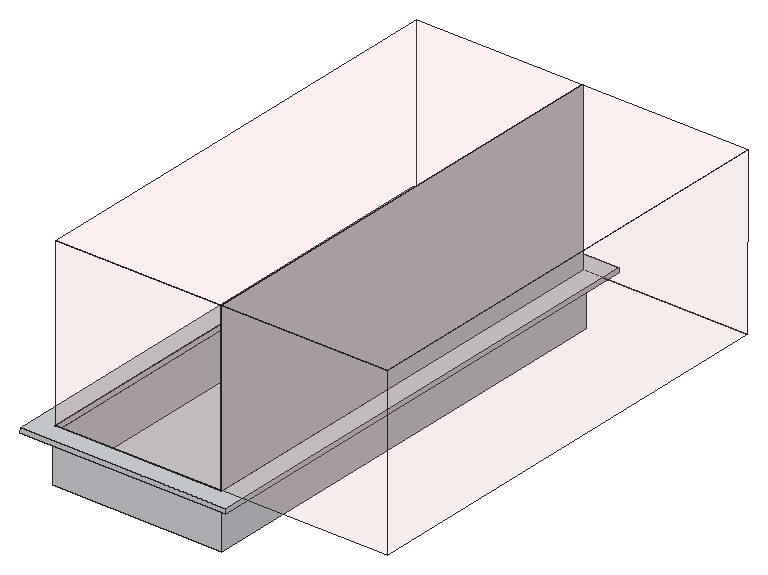
Revit family "Hager-VOLTA-Flush_mounted-IP30-With_Cover-Without_DIN-Hosted-DE-de", category Electrical Equipment, host Face, Revit 2023
Family settings
  Host = Face
  Panel Configuration = Two Columns, Circuits Across
  Round Connector Dimension = Use Diameter
  Part Type = Panelboard
  Cut with Voids When Loaded = No
  Maintain Annotation Orientation = Yes
  Shared = No
  Room Calculation Point = No
Parameters (values of type "VOLTA-Flush_mounted_W348_H880_D98_12_Modular_Spacing-VU60WWH")
  Width Control [instance] = if([HG000006-Flush mounted], if([EF000846 - Einbaubreite] > min_whd, [EF000846 - Einbaubreite], min_whd), if([EF000008 - Breite] > min_whd, ([EF000008 - Breite]), min_whd))  # 314.5 mm
  Void Depth [instance] = if([HG000006-Flush mounted], Depth Control, 1 mm)  # 89 mm
  Uniformat code = "D501001"
  Uniformat = "Low Tension Service & Dist."
  Type Comments = ""
  System Height [instance] = Height Control - 2 * [HG000005-Dicke]  # 841 mm
  Reference description = ""
  Reference = "VOLTA-Flush_mounted_W348_H880_D98_12_Modular_Spacing-VU60WWH"
  Object type = ""
  Name hager = "ADD_Enclosures_EC000214"
  Name BIM&CO = "Electricity"
  Name = "VOLTA-Flush_mounted-IP30-With_Cover-Without_DIN-DE"
  Model = ""
  HGEF0002950-Breite in Teilungseinheiten = 12
  HGEF000266-Anzahl der Reihen = 0
  HG000131 - Funktionell label [instance] = ""
  HG000130 - Functional name [instance] = ""
  HG000099-Onfly Template ID-de-DE = "507532"
  HG000060-RAL-number = "9010"
  HG000059 - Betriebsspannung [instance] = 230 V
  HG000017-Distanz zwischen den Polen = 18 mm
  HG000016-3D-Türsichtbarkeit = yes
  HG000015-Sichtbarkeit der Türöffnung = yes
  HG000014-Tür rechts = yes
  HG000013-Tür links = no
  HG000012-Türschwenkwinkel = 90.00°
  HG000011-Leere Reihen von unten = no
  HG000010-Asymmetrische Türen = no
  HG000009-Doppelflügeligen Tür = no
  HG000008-Anzahl der leeren Reihen = 0
  HG000007-Anzahl der leeren Spalten = 0
  HG000006-Flush mounted = yes
  HG000005-Dicke = 2 mm
  HG000004-Herstellerreferenz = "VU60WWH"
  HG000003-Bereich = "VOLTA"
  HG000002-Mit tür = yes
  HG000001-Anzahl der Spalten = 0
  GTIN (Global Trade Item Number) = ""
  ETIM class name = "Small distribution board"
  ETIM class code = "EC000214"
  EF015941 - Signaldurchlassende Tür = yes
  EF015777 - Neutralleiterklemmenblock = yes
  EF015776 - Erdungsklemmenblock = yes
  EF009212 - Ausführung Deckel = "mit Ausschnitt"
  EF006306 - Mit Schloss = no
  EF006244 - Transparenter Deckel/Tür = no
  EF005474 - Schutzart (IP) = "IP30"
  EF004464 - Art der Tür = ""
  EF004462 - Art der Schließung = "sonstige"
  EF002950 - Breite in Teilungseinheiten = 12
  EF001596 - Werkstoff des Gehäuses = ""
  EF001134 - DIN-Schiene = no
  EF001131 - Innentiefe = 0 mm
  EF001088 - Anbaumöglichkeit = yes
  EF001062 - EMV-Ausführung = no
  EF000846 - Einbaubreite = 314.5 mm
  EF000339 - Art der Abdeckung = ""
  EF000332 - Einbauhöhe = 845 mm
  EF000266 - Anzahl der Reihen = 0
  EF000218 - Einbautiefe = 89 mm
  EF000118 - Mit Montageplatte = yes
  EF000116 - RAL-Nummer = 9010
  EF000049 - Tiefe = 98 mm
  EF000040 - Höhe = 880 mm
  EF000024 - UV-beständig = no
  EF000008 - Breite = 348 mm
  EF000007 - Farbe = "weiß"
  EF000003 - Montageart = "Unterputz"
  Creation Date = "12/15/2025 21:44:03"
  Code hager = "ADD-EC000214_EU"
  BIM&CO code = ""
  BC_VARIANT_ID = "1174224"
  BC_OBJECT_VERSION = "#3"  # constant formula
  BC_OBJECT_ID = "513475"  # constant formula
  BC_MODEL_ID = "1547153"  # constant formula
  Arrow Offset [instance] = Depth Control / 8  # 11.125 mm
  Arrow Height [instance] = Depth Control - Arrow Offset  # 77.875 mm
  Host Offset [instance] = if([HG000006-Flush mounted], 0 mm, [EF000049 - Tiefe])  # 0 mm
  min_whd [instance] = (2 * [HG000005-Dicke]) + 1 mm  # 5 mm
  Manufacturer = "Hager"  # constant formula
  Height Control [instance] = if([HG000006-Flush mounted], if([EF000332 - Einbauhöhe] > min_whd, [EF000332 - Einbauhöhe], min_whd), if([EF000040 - Höhe] > min_whd, ([EF000040 - Höhe]), min_whd))  # 845 mm
  Flush Mounted - Door Frame Width [instance] = if(([EF000040 - Höhe] - [EF000332 - Einbauhöhe]) > 0 mm, if([HG000006-Flush mounted], [EF000040 - Höhe] - [EF000332 - Einbauhöhe], 0 mm), 0 mm)  # 35 mm
  Depth Control [instance] = if([HG000006-Flush mounted], if([EF000218 - Einbautiefe] > 0 mm, [EF000218 - Einbautiefe], 1 mm), if([EF000049 - Tiefe] > 0 mm, ([EF000049 - Tiefe]), 1 mm))  # 89 mm
  Default Elevation = 0 mm
Types (6, lengths in mm): name | Width Control | Void Depth | System Height | Reference | HG000004-Herstellerreferenz | HG000001-Anzahl der Spalten | EF015941 - Signaldurchlassende Tür | EF015777 - Neutralleiterklemmenblock | EF015776 - Erdungsklemmenblock | EF000846 - Einbaubreite | EF000332 - Einbauhöhe | EF000218 - Einbautiefe | EF000118 - Mit Montageplatte | EF000049 - Tiefe | EF000040 - Höhe | BC_VARIANT_ID | Arrow Offset | Arrow Height | Height Control | Flush Mounted - Door Frame Width | Depth Control
  VOLTA-Flush_mounted_W348_H505_D94_12_Modular_Spacing-VU24NCT | 335 | 90 | 486 | "VOLTA-Flush_mounted_W348_H505_D94_12_Modular_Spacing-VU24NCT" | "VU24NCT" | 1 | no | no | no | 335 | 490 | 90 | no | 94 | 505 | "1174219" | 11.25 | 78.75 | 490 | 15 | 90
  VOLTA-Flush_mounted_W348_H630_D98_12_Modular_Spacing-VU36NW | 314.5 | 89 | 591 | "VOLTA-Flush_mounted_W348_H630_D98_12_Modular_Spacing-VU36NW" | "VU36NW" | 0 | no | yes | yes | 314.5 | 595 | 89 | yes | 98 | 630 | "1174220" | 11.125 | 77.875 | 595 | 35 | 89
  VOLTA-Flush_mounted_W348_H755_D98_12_Modular_Spacing-VU48NW | 314.5 | 89 | 716 | "VOLTA-Flush_mounted_W348_H755_D98_12_Modular_Spacing-VU48NW" | "VU48NW" | 0 | no | no | no | 314.5 | 720 | 89 | yes | 98 | 755 | "1174221" | 11.125 | 77.875 | 720 | 35 | 89
  VOLTA-Flush_mounted_W348_H755_D98_12_Modular_Spacing-VU48WWH | 314.5 | 89 | 716 | "VOLTA-Flush_mounted_W348_H755_D98_12_Modular_Spacing-VU48WWH" | "VU48WWH" | 0 | yes | yes | yes | 314.5 | 720 | 89 | yes | 98 | 755 | "1174222" | 11.125 | 77.875 | 720 | 35 | 89
  VOLTA-Flush_mounted_W348_H880_D98_12_Modular_Spacing-VU60NW | 314.5 | 89 | 841 | "VOLTA-Flush_mounted_W348_H880_D98_12_Modular_Spacing-VU60NW" | "VU60NW" | 0 | no | yes | yes | 314.5 | 845 | 89 | yes | 98 | 880 | "1174223" | 11.125 | 77.875 | 845 | 35 | 89
  VOLTA-Flush_mounted_W348_H880_D98_12_Modular_Spacing-VU60WWH | 314.5 | 89 | 841 | "VOLTA-Flush_mounted_W348_H880_D98_12_Modular_Spacing-VU60WWH" | "VU60WWH" | 0 | yes | yes | yes | 314.5 | 845 | 89 | yes | 98 | 880 | "1174224" | 11.125 | 77.875 | 845 | 35 | 89
Reference planes
  plane 1 "Center (Front/Back)": y = 0
  plane 2: z = 0
  plane 3 "Center (Left/Right)": x = 0
  plane 4: z = 0
  plane 5: y = 37
  plane 6: z = -5
  plane 7: y = 457.5
  plane 8: y = 35
  plane 9: y = 880
  plane 10: z = -89
  plane 11: x = -157.25
  plane 12: x = 157.25
  plane 13: x = 155.25
  plane 14: x = -155.25
  plane 15: y = 878
  plane 16: z = -87
  plane 17: z = -2
  plane 18: z = -89
  plane 19: z = -2
  plane 20 "Annotation H": y = -100
  plane 21 "Annotation V": x = 457.25
Forms (mm)
  Extrusion 1, solid
    sketch origin (-583.045, 35, 1219.2) x (-1, 0, 0) y (0, 0, 1)
      loop
        line (-425.795, -1219.2) -> (-740.295, -1219.2) -> (-740.295, -1308.2) -> (-425.795, -1308.2) -> (-425.795, -1219.2)
    from 0 to 845 <- "Height Control"
  Extrusion 2, void
    sketch origin (-381.607, -4572, 0) x (0, -1, 0) y (-1, 0, 0)
      loop
        line (-5450, -226.357) -> (-5450, -536.857) -> (-4609, -536.857) -> (-4609, -226.357) -> (-5450, -226.357)
    from 0 to 87
  Extrusion 3, void
    sketch origin (0, 0, 0) x (1, 0, 0) y (0, 1, 0)
      loop
        line (-157.25, 35) -> (157.25, 35) -> (157.25, 880) -> (-157.25, 880) -> (-157.25, 35)
    from -89 to 1
  Extrusion 4, solid, detail levels coarse+medium
    sketch origin (-381.607, -4572, 0) x (-1, 0, 0) y (0, -1, 0)
      loop
        line (-226.357, -5450) -> (-226.357, -4609) -> (-536.857, -4609) -> (-536.857, -5450) -> (-226.357, -5450)
    from 0 to -2
Cuts and joins
  Extrusion 2 cuts Extrusion 1
Dimensions and locks
  plane 4 to plane 6 = 5 mm
  "Host Offset": plane 4 to host face
  "Flush Mounted - Door Frame Width": plane 1 "Center (Front/Back)" to plane 8
  "HG000005-Dicke": plane 5 to plane 8
  locked: connector elem to plane 3 "Center (Left/Right)"
  "Height Control": plane 9 to plane 8
  equal spacing: plane 9, plane 7, plane 8
  locked: connector elem to plane 7
  "Depth Control": plane 4 to plane 10
  "HG000005-Dicke": plane 11 to plane 14
  "HG000005-Dicke": plane 12 to plane 13
  equal spacing: plane 11, plane 3 "Center (Left/Right)", plane 12
  "Width Control": plane 11 to plane 12
  "Arrow Offset": nested 4 to plane 10
  "HG000005-Dicke": plane 9 to plane 15
  "HG000005-Dicke": plane 16 to plane 10
  "HG000005-Dicke": plane 4 to plane 17
  "Void Depth": plane 2 to plane 18
  "HG000005-Dicke": plane 4 to plane 19
  locked: plane 20 "Annotation H" to plane 1 "Center (Front/Back)" at 100
  locked: plane 12 to plane 21 "Annotation V" at 300
  aligned and locked: plane 2 to host face
  aligned and locked: level to host face
  aligned and locked: plane 3 "Center (Left/Right)" to nested 2
  aligned and locked: plane 4 to nested 2
  aligned and locked: nested 2 to plane 8
  aligned and locked: nested 1 to plane 6
  aligned and locked: plane 5 to nested 1
  aligned and locked: nested 4 to plane 11
  aligned and locked: nested 3 to plane 4
  aligned and locked: Extrusion 1 sketch curve to plane 12
  aligned and locked: Extrusion 1 sketch curve to plane 11
  aligned and locked: nested 3 to plane 10
  aligned and locked: plane 10 to Extrusion 1 sketch curve
  aligned and locked: plane 5 to Extrusion 2 sketch curve
  aligned and locked: Extrusion 2 sketch curve to plane 15
  aligned and locked: Extrusion 2 sketch curve to plane 14
  aligned and locked: Extrusion 2 sketch curve to plane 13
  aligned and locked: plane 11 to Extrusion 3 sketch curve
  aligned and locked: plane 9 to Extrusion 3 sketch curve
  aligned and locked: Extrusion 3 sketch curve to plane 8
  aligned and locked: plane 12 to Extrusion 3 sketch curve
  aligned and locked: nested 3 to plane 12
  aligned and locked: Extrusion 3 to plane 18
  aligned and locked: Extrusion 2 to plane 16
  aligned and locked: Extrusion 1 sketch curve to plane 4
  aligned and locked: Extrusion 4 to plane 17
  aligned and locked: Extrusion 4 sketch curve to plane 15
  aligned and locked: Extrusion 4 sketch curve to plane 13
  aligned and locked: Extrusion 4 sketch curve to plane 14
  aligned and locked: plane 5 to Extrusion 4 sketch curve
  aligned and locked: nested 5 to plane 21 "Annotation V"
  aligned and locked: plane 20 "Annotation H" to nested 5
Automatic sketch dimensions
  host sketch curve to host sketch curve = 1469.727 mm
  host sketch curve to host sketch curve = 1434.803 mm
Nested families
  nested 1: "Hager_Enclosure_System" at (0, 37, -5) x (1, 0, 0) z (0, 1, 0), Height <- "System Height", Flush_Mounted <- "HG000006-Flush mounted", Width_Control <- "Width Control", Built-in_Width <- "EF000846 - Einbaubreite", Width <- "EF000008 - Breite", Depth <- "HG000005-Dicke", Border <- "HG000005-Dicke", Distance_Between_Poles <- "HG000017-Distanz zwischen den Polen", Empty_Columns <- "HG000007-Anzahl der leeren Spalten", Total_No_Empty_Rows <- "HG000008-Anzahl der leeren Reihen", Empty_Rows_From_Bottom <- "HG000011-Leere Reihen von unten", Columns_Count <- "HG000001-Anzahl der Spalten", Rows_Count <- "HGEF000266-Anzahl der Reihen", Row_Module_Multiplicator <- "HGEF0002950-Breite in Teilungseinheiten", type "Hager_Enclosure_System", detail levels fine
    with Width_Control 314.5 mm, Width 348 mm, Total_No_Rows 0, Total_No_Empty_Rows 0, Total_No_Columns 1, System_Width 310.5 mm, Rows_Count 0, Rows_Column 0, Row_Module_Multiplicator 12, Panel_4 no, Panel_3 no, Panel_2 no, Panel_1 no, No_Panels_Ctrl 1, Hide_Columns yes, Height 841 mm, Flush_Mounted yes, Empty_Rows_From_Bottom no, Empty_Rows_Column 0, Empty_Columns 0, Empty column 4 0, Empty column 3 0, Empty column 2 0, Empty column 1 0, Distance_Between_Poles 18 mm, Depth 2 mm, Columns_Count 0, Column_Width 310.5 mm, Built-in_Width 314.5 mm, Border 2 mm
  nested 2: "Hager_Enclosure_Door" at (0, 35, 0) x (1, 0, 0) z (0, 1, 0), Flush_Mounted <- "HG000006-Flush mounted", Height_Ctrl <- "Height Control", Width_Ctrl <- "Width Control", BuiltIn_Depth <- "EF000218 - Einbautiefe", Depth <- "EF000049 - Tiefe", BuiltIn_Width <- "EF000846 - Einbaubreite", Height <- "EF000040 - Höhe", BuiltIn_Height <- "EF000332 - Einbauhöhe", Width <- "EF000008 - Breite", Transparent <- "EF006244 - Transparenter Deckel/Tür", Border <- "HG000005-Dicke", Door <- "HG000002-Mit tür", Double <- "HG000009-Doppelflügeligen Tür", Assymetrical <- "HG000010-Asymmetrische Türen", Angle <- "HG000012-Türschwenkwinkel", Door_Left <- "HG000013-Tür links", Door_Right <- "HG000014-Tür rechts", Clearance <- "HG000015-Sichtbarkeit der Türöffnung", 3d_Door <- "HG000016-3D-Türsichtbarkeit", type "Hager_Enclosure_Door", detail levels medium+fine
    with min_wh 5 mm, Width_Ctrl 314.5 mm, Width 348 mm, Transparent_Door_No_Bottom_Border no, Transparent no, Leaf_Width 307.5 mm, Leaf_Tolerance 1.5 mm, Leaf_Height 838 mm, Leaf_2_Width 307.5 mm, Leaf_2_Offset 153.75 mm, Leaf_1_Width 307.5 mm, Leaf_1_Offset 153.75 mm, Height_Ctrl 845 mm, Height 880 mm, Frame_Width_Ctrl 33.5 mm, Frame_Width 33.5 mm, Frame_Internal_Offset 2 mm, Frame_Height_Ctrl 35 mm, Frame_Height 35 mm, Frame_Depth_Ctrl 9 mm, Frame_Depth 9 mm, Flush_Mounted yes, Double_Clearance_Ctrl no, Double no, Door_Right_Ctrl yes, Door_Right yes, Door_Left_Ctrl no, Door_Left no, Door yes, Depth 98 mm, Clearance_Depth 307.5 mm, Clearance_Ctrl yes, Clearance yes, BuiltIn_Width 314.5 mm, BuiltIn_Height 845 mm, BuiltIn_Depth 89 mm, Border 2 mm, Assymetrical no, Angle 90.00°, 3d_Door yes
  nested 3: "Hager_Enclosure_Symbol_Triangle" at (-157.25, 0, -89) x (1, 0, 0) z (0, -1, 0), Depth <- "Depth Control", Width <- "Width Control", type "Hager_Enclosure_Symbol_Triangle"
    with Width_Ctrl 314.5 mm, Width 314.5 mm, Depth_Ctrl 89 mm, Depth 89 mm
  nested 4: "Hager_Enclosure_Symbol_Arrow" at (-157.25, 0, -77.875) x (1, 0, 0) z (0, -1, 0), Height <- "Arrow Height", type "Hager_Enclosure_Symbol_Arrow"
    with Width_Inside 5.841 mm, Width 70.087 mm, Height_Ctrl 77.875 mm, Height 77.875 mm
  nested 5: "Hager_Annotation-HG000130" at (457.25, -100, 0) x (-1, 0, 0) z (0, 0, 1), HG000130 - Functional name <- "HG000130 - Functional name", type "Hager_Annotation-HG000130"
    with HG000130 - Functional name ""
Connectors
  electrical at (0, 457.5, -89)
    settings: on plane 10, index 1, voltage 0 V, apparent load 0 VA, apparent load phase1 0 VA, apparent load phase2 0 VA, apparent load phase3 0 VA, power factor 1, load classification "Other", number of poles 1, system type 30, power factor state 1, is connector primary yes, connector utility no, sub classification motor no, connector description ""
Definition of nested family "Hager_Enclosure_Door"
  Parameters (values of type "Hager_Enclosure_Door")
    min_wh [instance] = (2 * Border) + 1 mm  # 11 mm
    Width_Ctrl [instance] = 400 mm
    Width [instance] = 500 mm
    Transparent_Door_No_Bottom_Border [instance] = no
    Transparent [instance] = yes
    Leaf_Width [instance] = if((Width_Ctrl - 2 * Border - 2 * Leaf_Tolerance) > 0 mm, (Width_Ctrl - 2 * Border - 2 * Leaf_Tolerance), min_wh)  # 387 mm
    Leaf_Tolerance [instance] = 1.5 mm  # constant formula
    Leaf_Height [instance] = if((Height_Ctrl - 2 * Border - 2 * Leaf_Tolerance) > 0 mm, (Height_Ctrl - 2 * Border - 2 * Leaf_Tolerance), min_wh)  # 387 mm
    Leaf_2_Width [instance] = if(and(and(Double, Assymetrical), Door_Left), (Leaf_Width / 3) - (Leaf_Tolerance / 2), if(and(and(Double, Assymetrical), Door_Right), (Leaf_Width / 3) * 2 - (Leaf_Tolerance / 2), if(and(Double, not(Assymetrical)), (Leaf_Width / 2) - Leaf_Tolerance, Leaf_Width)))  # 387 mm
    Leaf_2_Offset [instance] = if(and(Double, Assymetrical), Leaf_2_Width / 2, if(and(Double, not(Assymetrical)), Leaf_Width / 4, Leaf_Width / 2))  # 193.5 mm
    Leaf_1_Width [instance] = if(and(and(Double, Assymetrical), Door_Right), (Leaf_Width / 3) - (Leaf_Tolerance / 2), if(and(and(Double, Assymetrical), Door_Left), (Width / 3) * 2 - (Leaf_Tolerance / 2), if(and(Double, not(Assymetrical)), (Leaf_Width / 2) - Leaf_Tolerance, Leaf_Width)))  # 387 mm
    Leaf_1_Offset [instance] = if(and(Double, Assymetrical), Leaf_1_Width / 2, if(and(Double, not(Assymetrical)), Leaf_Width / 4, Leaf_Width / 2))  # 193.5 mm
    Height_Ctrl [instance] = 400 mm
    Height [instance] = 500 mm
    Frame_Width_Ctrl [instance] = if(Frame_Width > 0 mm, Frame_Width, 1 mm)  # 1 mm
    Frame_Width [instance] = Width - BuiltIn_Width  # 0 mm
    Frame_Internal_Offset [instance] = if(Flush_Mounted, Border, 0 mm)  # 5 mm
    Frame_Height_Ctrl [instance] = if(Frame_Height > 0 mm, Frame_Height, 1 mm)  # 1 mm
    Frame_Height [instance] = Height - BuiltIn_Height  # 0 mm
    Frame_Depth_Ctrl [instance] = if(Frame_Depth > 0 mm, Frame_Depth, 1 mm)  # 1 mm
    Frame_Depth [instance] = if(Depth - BuiltIn_Depth > 0 mm, if(Flush_Mounted, Depth - BuiltIn_Depth, 0 mm), 0 mm)  # 0 mm
    Flush_Mounted [instance] = yes
    Double_Clearance_Ctrl [instance] = and(Double, Clearance)  # no
    Double [instance] = no
    Door_Right_Ctrl [instance] = and(or(Door_Right, Double), Door)  # yes
    Door_Right [instance] = yes
    Door_Left_Ctrl [instance] = and(or(Door_Left, Double), Door)  # no
    Door_Left [instance] = no
    Door [instance] = yes
    Depth [instance] = 500 mm
    Default Elevation = 1219.2 mm
    Clearance_Material = none
    Clearance_Depth [instance] = if(Leaf_1_Width > Leaf_2_Width, Leaf_1_Width, Leaf_2_Width)  # 387 mm
    Clearance_Ctrl [instance] = and(not(Double), Clearance)  # yes
    Clearance [instance] = yes
    BuiltIn_Width [instance] = 500 mm
    BuiltIn_Height [instance] = 500 mm
    BuiltIn_Depth [instance] = 500 mm
    Border [instance] = 5 mm
    Assymetrical [instance] = yes
    Angle [instance] = 30.00°
    3d_Door [instance] = yes
  Reference planes
    plane 1 "Center (Front/Back)": y = 0
    plane 2 "Bottom": z = 0
    plane 3 "Center (Left/Right)": x = 0
    plane 4: z = 400
    plane 5: x = -200
    plane 6: x = 200
    plane 7: z = 395
    plane 8: x = -195
    plane 9: z = 5
    plane 10: x = 195
    plane 11: y = 0
    plane 12: z = 6.5
    plane 13: x = -582
    plane 14: y = -387
    plane 15: x = 582
    plane 16: x = 0
    plane 17: x = 0
    plane 18: x = -193.5
    plane 19: x = 193.5
    plane 20: z = 393.5
  Forms (mm)
    Extrusion 1, solid, visible <- "Flush_Mounted"
      sketch origin (0, 0, 0) x (1, 0, 0) y (0, 0, 1)
        loop
          line (195, 5) -> (195, 395) -> (-195, 395) -> (-195, 5) -> (195, 5)
        loop
          line (-201, 401) -> (-201, -1) -> (201, -1) -> (201, 401) -> (-201, 401)
      from 0 to 1 <- "Frame_Depth_Ctrl"
    Extrusion 2, solid, material <- "Clearance_Material", visible <- "Double_Clearance_Ctrl"
      sketch origin (1200, 0, 0) x (1, 0, 0) y (0, 0, -1)
        loop
          line (-1782, -393.5) -> (-618, -393.5) -> (-618, 0) -> (-1782, 0) -> (-1782, -393.5)
      from 0 to -387
  Dimensions and locks
    equal spacing: plane 5, plane 3 "Center (Left/Right)", plane 6
    "Width_Ctrl": plane 5 to plane 6
    "Border": plane 5 to plane 8
    "Border": plane 6 to plane 10
    "Border": plane 9 to level
    "Border": plane 4 to plane 7
    "Height_Ctrl": plane 4 to level
    "Leaf_Tolerance": plane 12 to plane 9
    "Frame_Depth": plane 11 to plane 1 "Center (Front/Back)"
    "Frame_Width_Ctrl": plane 5 to Extrusion 1 sketch curve
    "Frame_Width_Ctrl": plane 6 to Extrusion 1 sketch curve
    "Frame_Width_Ctrl": Extrusion 1 sketch curve to plane 4
    "Frame_Width_Ctrl": plane 2 "Bottom" to Extrusion 1 sketch curve
    "Leaf_1_Offset": plane 18 to plane 16
    "Leaf_2_Offset": plane 17 to plane 19
    "Leaf_1_Width": plane 13 to plane 8
    "Leaf_2_Width": plane 10 to plane 15
    "Clearance_Depth": plane 14 to plane 1 "Center (Front/Back)"
    "Leaf_Tolerance": plane 8 to plane 18
    "Leaf_Tolerance": plane 19 to plane 10
    "Leaf_Tolerance": plane 7 to plane 20
    "Frame_Internal_Offset": plane 5 to Extrusion 1 sketch curve
    "Frame_Internal_Offset": Extrusion 1 sketch curve to plane 2 "Bottom"
    "Frame_Internal_Offset": plane 6 to Extrusion 1 sketch curve
    "Frame_Internal_Offset": plane 4 to Extrusion 1 sketch curve
    aligned and locked: level to plane 2 "Bottom"
    aligned and locked: nested 1 to plane 16
    aligned and locked: nested 2 to plane 17
    aligned and locked: Extrusion 2 to plane 13
    aligned and locked: plane 15 to Extrusion 2
    aligned and locked: Extrusion 2 to plane 14
    aligned and locked: plane 12 to nested 1
    aligned and locked: nested 2 to plane 12
    aligned and locked: Extrusion 2 to plane 11
    aligned and locked: plane 20 to Extrusion 2
    aligned and locked: nested 2 to plane 11
    aligned and locked: nested 1 to plane 11
  Automatic sketch dimensions
    Extrusion 2 sketch curve to level = 0 mm
    plane 5 to Extrusion 2 sketch curve = 382 mm
    plane 6 to Extrusion 2 sketch curve = 382 mm
    Extrusion 2 sketch curve to plane 4 = 6.5 mm
  Nested families
    nested 1: "Hager_Enclosure_Door_Leaf" at (0, 0, 6.5), Width <- "Leaf_1_Width", visible <- "Door_Left_Ctrl", Leaf_Height <- "Leaf_Height", Angle <- "Angle", Depth <- "Border", 3d_Door <- "3d_Door", Transparent <- "Transparent", Clearance Material <- "Clearance_Material", Clearance <- "Clearance_Ctrl", Transparent_Door_No_Bottom_Border <- "Transparent_Door_No_Bottom_Border", type "Hager_Enclosure_Door_Leaf"
      with Width 387 mm, Transparent_Door_No_Bottom_Border no, Transparent_Door_Border_Bottom_Top 25 mm, Transparent_Door_Border 25 mm, Transparent_Ctrl yes, Transparent yes, Standard no, Leaf_Height 387 mm, Glass_Offset 1 mm, Depth 5 mm, Clearance Material none, Clearance yes, Angle_Ctrl 30.00°, Angle 30.00°, 3d_Door yes
    nested 2: "Hager_Enclosure_Door_Leaf" at (0, 0, 6.5) x (-1, 0, 0) z (0, 0, 1), Width <- "Leaf_2_Width", visible <- "Door_Right_Ctrl", Leaf_Height <- "Leaf_Height", Angle <- "Angle", Depth <- "Border", 3d_Door <- "3d_Door", Transparent <- "Transparent", Clearance Material <- "Clearance_Material", Clearance <- "Clearance_Ctrl", Transparent_Door_No_Bottom_Border <- "Transparent_Door_No_Bottom_Border", type "Hager_Enclosure_Door_Leaf"
      with Width 387 mm, Transparent_Door_No_Bottom_Border no, Transparent_Door_Border_Bottom_Top 25 mm, Transparent_Door_Border 25 mm, Transparent_Ctrl yes, Transparent yes, Standard no, Leaf_Height 387 mm, Glass_Offset 1 mm, Depth 5 mm, Clearance Material none, Clearance yes, Angle_Ctrl 30.00°, Angle 30.00°, 3d_Door yes
  Definition of nested family "Hager_Enclosure_Door_Leaf"
    Parameters (values of type "Hager_Enclosure_Door_Leaf")
      Width [instance] = 2000 mm
      Transparent_Door_No_Bottom_Border [instance] = yes
      Transparent_Door_Border_Bottom_Top [instance] = if(Transparent_Door_No_Bottom_Border, 0.1 mm, Transparent_Door_Border)  # 0.1 mm
      Transparent_Door_Border [instance] = if(Transparent_Door_No_Bottom_Border, (Width * 0.12), 25 mm)  # 240 mm
      Transparent_Ctrl [instance] = and(Transparent, [3d_Door])  # yes
      Transparent [instance] = yes
      Standard [instance] = and(not(Transparent), [3d_Door])  # no
      Leaf_Height [instance] = 2720.336 mm
      Glass_Offset [instance] = if((Depth - 10 mm) / 2 > 0 mm, (Depth - 10 mm) / 2, 1 mm)  # 15 mm
      Glass_Material = none
      Depth [instance] = 40 mm
      Default Elevation = 0 mm
      Clearance Material [instance] = none
      Clearance [instance] = yes
      Angle_Ctrl [instance] = if(Angle > 170.00°, 170.00°, Angle)  # 45.00°
      Angle [instance] = 45.00°
      3d_Door [instance] = yes
    Reference planes
      plane 1 "Center (Front/Back)": y = 0
      plane 2: z = 0
      plane 3 "Center (Left/Right)": x = 0
      plane 4: y = 2000
      plane 5: x = -1000
      plane 6: x = 1000
      plane 7: x = -3000
      plane 8: z = 2720.336
      plane 9: z = 0.1
      plane 10: z = 2720.236
      plane 11: x = 760
      plane 12: x = -760
    Forms (mm)
      Extrusion 1, solid, material <- "Clearance Material", visible <- "Clearance"
        sketch origin (0, 0, 0) x (1, 0, 0) y (0, 0, 1)
          loop
            line (-3000, 2720.336) -> (-3000, 0) -> (1000, 0) -> (1000, 2720.336) -> (-3000, 2720.336)
        from 0 to -2000
      Extrusion 2, solid, visible <- "Standard", detail levels medium+fine
        sketch origin (-1000, 0, 0) x (0.707107, 0.707107, 0) y (-0.707107, 0.707107, 0)
          loop
            line (0, -40) -> (2000, -40) -> (2000, 0) -> (0, 0) -> (0, -40)
        from 0 to 2720.336 <- "Leaf_Height"
      Extrusion 3, solid, visible <- "Transparent_Ctrl", detail levels medium+fine
        sketch origin (-1000, 0, 0) x (0.707107, 0.707107, 0) y (-0.707107, 0.707107, 0)
          loop
            line (0, -40) -> (2000, -40) -> (2000, 0) -> (0, 0) -> (0, -40)
        from 0 to 2720.336 <- "Leaf_Height"
      Extrusion 4, void, detail levels medium+fine
        sketch origin (-1000, 0, 0) x (-0.707107, 0.707107, 0) y (0.707107, 0.707107, 0)
          loop
            line (0, 240) -> (0, 1760) -> (-40, 1760) -> (-40, 240) -> (0, 240)
        from -2720.236 to -0.1
      Extrusion 5, solid, material <- "Glass_Material", visible <- "Transparent_Ctrl", detail levels medium+fine
        sketch origin (-1000, 0, 0) x (0.707107, 0.707107, 0) y (-0.707107, 0.707107, 0)
          loop
            line (240, -15) -> (240, -25) -> (1760, -25) -> (1760, -15) -> (240, -15)
        from 0.1 to 2720.236
    Cuts and joins
      Extrusion 4 cuts Extrusion 3
    Lines and regions (mm)
      symbolic lines
        curve 1: line (1000, 0, 0) -> (-3000, 0, 0)
        curve 2: arc (1000, 0, 0) -> (-1000, 2000, 0) -> (-3000, 0, 0) r 2000
        curve 4: line (-1000, 0, 0) -> (414.214, 1414.214, 0)
      reference lines
        curve 3: line (-1000, 0, 0) -> (414.214, 1414.214, 0)
      symbolic lines, detail levels medium+fine
        curve 5: line (414.214, 1414.214, 0) -> (442.498, 1385.929, 0)
        curve 6: line (442.498, 1385.929, 0) -> (-971.716, -28.284, 0)
        curve 7: line (-971.716, -28.284, 0) -> (-1000, 0, 0)
        curve 8: line (-1000, 0, 2720.336) -> (1000, 0, 2720.336)
        curve 9: line (-1000, 0, 0) -> (-1000, 0, 2720.336)
        curve 10: line (1000, 0, 0) -> (-1000, 0, 0)
        curve 11: line (1000, 0, 2720.336) -> (1000, 0, 0)
      symbolic lines, visible <- "Transparent_Ctrl", detail levels medium+fine
        curve 12: line (-760, 0, 2720.236) -> (760, 0, 2720.236)
        curve 13: line (-760, 0, 0.1) -> (-760, 0, 2720.236)
        curve 14: line (760, 0, 0.1) -> (-760, 0, 0.1)
        curve 15: line (760, 0, 2720.236) -> (760, 0, 0.1)
    Dimensions and locks
      "Width": plane 1 "Center (Front/Back)" to plane 4
      equal spacing: plane 5, plane 3 "Center (Left/Right)", plane 6
      "Width": plane 5 to plane 6
      "Width": plane 7 to plane 5
      "Leaf_Height": plane 8 to level
      "Depth": curve 6 to curve 3
      "Width": curve 5 to curve 3
      "Width": curve 3 to curve 3
      "Transparent_Door_Border": Extrusion 4 sketch curve to curve 7
      "Transparent_Door_Border": Extrusion 4 sketch curve to curve 5
      "Transparent_Door_Border_Bottom_Top": plane 8 to plane 10
      "Transparent_Door_Border_Bottom_Top": plane 9 to level
      "Glass_Offset": Extrusion 5 sketch curve to curve 4
      "Glass_Offset": Extrusion 5 sketch curve to curve 6
      "Transparent_Door_Border": Extrusion 5 sketch curve to curve 5
      "Transparent_Door_Border": Extrusion 5 sketch curve to curve 7
      "Transparent_Door_Border": plane 12 to plane 5
      "Transparent_Door_Border": plane 6 to plane 11
      "Angle_Ctrl": angle plane 1 "Center (Front/Back)" to curve 3
      aligned and locked: level to plane 2
      aligned and locked: Extrusion 1 to curve 1
      aligned and locked: plane 6 to Extrusion 1
      aligned and locked: Extrusion 1 to plane 1 "Center (Front/Back)"
      aligned and locked: plane 4 to Extrusion 1
      aligned and locked: plane 8 to Extrusion 1
      aligned and locked: curve 4 to curve 3
      aligned and locked: Extrusion 2 sketch curve to curve 7
      aligned and locked: Extrusion 2 sketch curve to curve 6
      aligned and locked: Extrusion 2 sketch curve to curve 5
      aligned and locked: Extrusion 2 sketch curve to curve 3
      aligned and locked: curve 7 to Extrusion 3 sketch curve
      aligned and locked: Extrusion 3 sketch curve to curve 4
      aligned and locked: Extrusion 3 sketch curve to curve 6
      aligned and locked: Extrusion 3 sketch curve to curve 5
      aligned and locked: curve 4 to Extrusion 4 sketch curve
      aligned and locked: curve 6 to Extrusion 4 sketch curve
      aligned and locked: Extrusion 4 to plane 9
      aligned and locked: Extrusion 4 to plane 10
      aligned and locked: Extrusion 5 to plane 9
      aligned and locked: Extrusion 5 to plane 10
      aligned and locked: curve 8 to plane 8
      aligned and locked: plane 5 to curve 9
      aligned and locked: plane 2 to curve 10
      aligned and locked: curve 11 to plane 6
      aligned and locked: plane 10 to curve 12
      aligned and locked: plane 12 to curve 13
      aligned and locked: curve 14 to plane 9
      aligned and locked: plane 11 to curve 15
    Automatic sketch dimensions
      plane 1 "Center (Front/Back)" to curve 2 = 0 mm
      curve 2 to plane 5 = 0 mm
      Extrusion 1 sketch curve to level = 0 mm
      Extrusion 1 sketch curve to plane 7 = 0 mm
      Extrusion 1 sketch curve to plane 6 = 0 mm
      Extrusion 1 sketch curve to plane 8 = 0 mm
      plane 1 "Center (Front/Back)" to curve 3 = 0 mm
      curve 3 to plane 5 = 0 mm
      curve 7 to curve 3 = 0 mm
Definition of nested family "Hager_Enclosure_Symbol_Triangle"
  Parameters (values of type "Hager_Enclosure_Symbol_Triangle")
    Width_Ctrl [instance] = if(Width > 1 mm, Width, 1 mm)  # 498 mm
    Width [instance] = 498 mm
    Depth_Ctrl [instance] = if(Depth > 1 mm, Depth, 1 mm)  # 72 mm
    Depth [instance] = 72 mm
  Reference planes
    plane 1 "Centre (avant/arrière)": y = 0
    plane 2: z = 0
    plane 3 "Centre (gauche/droite)": x = 0
  Lines and regions (mm)
    Filled region 1, type "Solid_Black", in view "Niveau de réf."
      outline origin (0, 0, 0) x (1, 0, 0) y (0, 1, 0)
        loop
          line (0, 0) -> (498, 0) -> (498, 72) -> (0, 0)
    reference lines, in view "Niveau de réf."
      curve 1: line (-206.153, 72, 0) -> (1083.258, 72, 0)
      curve 2: line (498, 405.456, 0) -> (498, -517.619, 0)
  Dimensions and locks
    "Depth_Ctrl": plane 1 "Centre (avant/arrière)" to curve 1
    "Width_Ctrl": plane 3 "Centre (gauche/droite)" to curve 2
    aligned and locked: curve 1 to Filled region 1 sketch curve
    aligned and locked: Filled region 1 sketch curve to plane 1 "Centre (avant/arrière)"
    aligned and locked: curve 2 to Filled region 1 sketch curve
    aligned and locked: plane 3 "Centre (gauche/droite)" to Filled region 1 sketch curve
    aligned and locked: plane 1 "Centre (avant/arrière)" to Filled region 1 sketch curve
  Automatic sketch dimensions
    curve 1 to plane 3 "Centre (gauche/droite)" = 206.153 mm
    curve 2 to curve 1 = 585.258 mm
    plane 1 "Centre (avant/arrière)" to curve 2 = 517.619 mm
    curve 2 to plane 1 "Centre (avant/arrière)" = 405.456 mm
Definition of nested family "Hager_Enclosure_Symbol_Arrow"
  Parameters (values of type "Hager_Enclosure_Symbol_Arrow")
    Width_Inside [instance] = if(Width / 12 > 2 mm, Width / 12, 2 mm)  # 4.987 mm
    Width [instance] = if(Height_Ctrl * 0.9 > 2 mm, Height_Ctrl * 0.9, 2 mm)  # 59.85 mm
    Height_Ctrl [instance] = if(Height > 2 mm, Height, 2 mm)  # 66.5 mm
    Height [instance] = 66.5 mm
  Reference planes
    plane 1 "Centre (avant/arrière)": y = 0
    plane 2: z = 0
    plane 3 "Centre (gauche/droite)": x = 0
    plane 4: x = 59.85
    plane 5: y = 28.263
    plane 6: y = 38.238
    plane 7: y = 66.5
    plane 8: x = 29.925
    plane 9: y = 33.25
  Lines and regions (mm)
    Filled region 1, type "Solid_Black", in view "Niveau de réf."
      outline origin (0, 0, 0) x (1, 0, 0) y (0, 1, 0)
        loop
          line (59.85, 66.5) -> (37.929, 52.827) -> (51.846, 41.935) -> (59.85, 66.5)
    detail lines, in view "Niveau de réf."
      curve 1: line (0, 0, 0) -> (29.925, 38.238, 0)
      curve 2: line (29.925, 38.238, 0) -> (29.925, 28.263, 0)
      curve 3: line (29.925, 28.263, 0) -> (59.85, 66.5, 0)
  Dimensions and locks
    "Width": plane 3 "Centre (gauche/droite)" to plane 4
    "Height_Ctrl": plane 7 to plane 1 "Centre (avant/arrière)"
    equal spacing: plane 3 "Centre (gauche/droite)", plane 8, plane 4
    equal spacing: plane 7, plane 9, plane 1 "Centre (avant/arrière)"
    equal spacing: plane 6, plane 9, plane 5
    "Width_Inside": plane 6 to plane 9
    equal spacing: curve 3, Filled region 1 sketch curve, Filled region 1 sketch curve
    angle Filled region 1 sketch curve to curve 3 = 20.00°
    angle curve 3 to Filled region 1 sketch curve = 20.00°
    locked: curve 3 to Filled region 1 sketch curve (angle 90.00°)
  Automatic sketch dimensions
    plane 1 "Centre (avant/arrière)" to curve 1 = 0 mm
    curve 1 to plane 3 "Centre (gauche/droite)" = 0 mm
    curve 2 to plane 6 = 0 mm
    curve 3 to plane 8 = 0 mm
    curve 3 to plane 4 = 0 mm
    curve 2 to plane 5 = 0 mm
    curve 3 to plane 7 = 0 mm
    Filled region 1 sketch curve to plane 4 = 0 mm
    Filled region 1 sketch curve to plane 7 = 0 mm
Definition of nested family "Hager_Annotation-HG000130"
  Parameters (values of type "Hager_Annotation-HG000130")
    HG000130 - Functional name [instance] = ""
  Reference planes
    plane 1: y = 0
    plane 2: x = 0
  Lines and regions (mm)
    detail lines
      curve 1: line (-27.5, 10, 0) -> (27.5, 10, 0)
      curve 2: line (-27.5, -10, 0) -> (-27.5, 10, 0)
      curve 3: line (27.5, -10, 0) -> (-27.5, -10, 0)
      curve 4: line (27.5, 10, 0) -> (27.5, -10, 0)
  Text (mm)
    label "HG000130 - Functional name" at (0.16, 0.026, 0), shows "HG000130 - Functional name"
